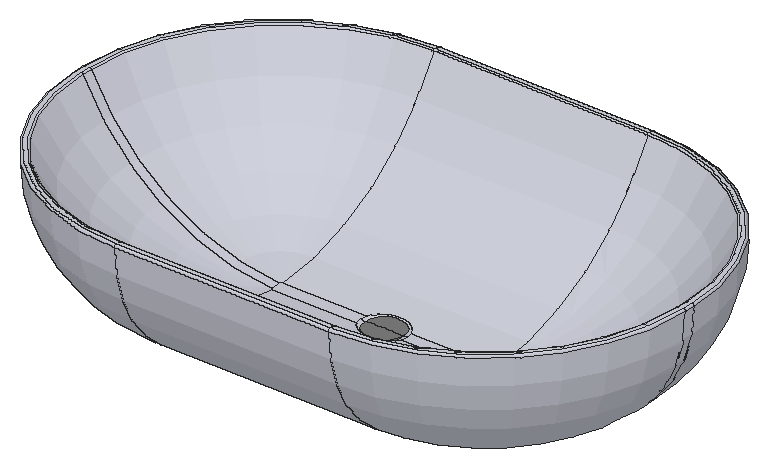
Revit family "PAXI SBC-018", category Plumbing Fixtures, Revit 2017
Family settings
  Round Connector Dimension = Use Diameter
  Part Type = Normal
  OmniClass Number = 23.45.00.00
  OmniClass Title = Sanitary, Laundry, and Cleaning Equipment
  Work Plane-Based = No
  Always vertical = Yes
  Cut with Voids When Loaded = No
  Shared = No
  Room Calculation Point = No
Parameters
  Waste Size = 32 mm
  Waste Connection = yes
  URL = "www.seima.com.au"
  Steel = Steel
  Model = "PAXI SBS-018"
  Manufacturer = "SEIMA"
  Basin Material = White Vitreous China
Reference planes
  plane 1 "Center (Front/Back)": y = 0
  plane 2: z = 0
  plane 3 "Center (Left/Right)": x = 0
  plane 4: z = 140
  plane 5: x = 292.5
  plane 6: y = 195
  plane 7: y = -195
  plane 8: x = -292.5
  plane 9: z = -40
  plane 10: x = -185
  plane 11: x = -292.5
Forms (mm)
  Sweep 1, solid, material "White Vitreous China" <- "Basin Material"
    path origin (0, 0, 0) x (1, 0, 0) y (0, 1, 0)
      loop
        line (-292.5, 5) -> (-292.5, -5)
        arc (-292.5, -5) -> (-236.85, -139.35) -> (-102.5, -195) r 190
        line (-102.5, -195) -> (102.5, -195)
        arc (102.5, -195) -> (236.85, -139.35) -> (292.5, -5) r 190
        line (292.5, -5) -> (292.5, 5)
        arc (292.5, 5) -> (236.85, 139.35) -> (102.5, 195) r 190
        line (102.5, 195) -> (-102.5, 195)
        arc (-102.5, 195) -> (-236.85, 139.35) -> (-292.5, 5) r 190
    profile origin (-292.5, 0, 0) x (1, 0, 0) y (0, 0, 1)
      loop
        arc (0.205, 137.82) -> (28.771, 55.011) -> (103.757, 9.729) r 128.552
        line (103.757, 9.729) -> (188.75, 9.729) -> (188.75, 19.002)
        arc (188.75, 19.002) -> (82.161, 54.411) -> (7.9, 138.674) r 215.34
        arc (7.9, 138.674) -> (7.163, 139.487) -> (6.107, 139.789) r 2
        line (6.107, 139.789) -> (2.204, 139.789)
        arc (2.204, 139.789) -> (0.801, 139.214) -> (0.205, 137.82) r 2
  Extrusion 2, solid, material "White Vitreous China" <- "Basin Material"
    sketch origin (0, 0, 0) x (1, 0, 0) y (0, 1, 0)
      loop
        arc (-102.5, 6.25) -> (-103.384, 5.884) -> (-103.75, 5) r 1.25
        line (-103.75, 5) -> (-103.75, -5)
        arc (-103.75, -5) -> (-103.384, -5.884) -> (-102.5, -6.25) r 1.25
        line (-102.5, -6.25) -> (102.5, -6.25)
        arc (102.5, -6.25) -> (103.384, -5.884) -> (103.75, -5) r 1.25
        line (103.75, -5) -> (103.75, 5)
        arc (103.75, 5) -> (103.384, 5.884) -> (102.5, 6.25) r 1.25
        line (102.5, 6.25) -> (-102.5, 6.25)
    from 0 to 19.002
  Revolve 3, void
    sketch origin (0, 0, 0) x (1, 0, 0) y (0, 0, 1)
      loop
        arc (0, 22.931) -> (-11.312, 21.936) -> (-22.282, 19.002) r 65.448
        arc (-22.282, 19.002) -> (-15.984, 15.665) -> (-13.465, 8.998) r 10.084
        line (-13.465, 8.998) -> (-13.465, -40) -> (0, -40) -> (0, 22.931)
      axis (0, -40) -> (0, 22.931)
    angle from 0 to 360
  Revolve 4, solid, material "White Vitreous China" <- "Basin Material"
    sketch origin (0, 0, 0) x (1, 0, 0) y (0, 0, 1)
      loop
        line (-13.465, 0) -> (-14.949, 0) -> (-14.949, -40) -> (-13.465, -40) -> (-13.465, 0)
      axis (0, -40) -> (0, 0)
    angle from 0 to 360
  Revolve 5, solid, material "Steel" <- "Steel"
    sketch origin (0, 0, 3.027) x (1, 0, 0) y (0, 0, 1)
      loop
        line (-11.292, 3.998) -> (-11.292, -1.297) -> (0, -1.297) -> (0, 15.903)
        spline (0, 15.903) -> (-2.347, 15.899) -> (-4.653, 15.886) -> (-6.88, 15.866) -> (-8.989, 15.837) -> (-10.944, 15.801) -> (-12.712, 15.759) -> (-14.263, 15.71) -> (-15.569, 15.657) -> (-16.609, 15.599) -> (-17.365, 15.538) -> (-17.824, 15.475) -> (-17.978, 15.41)
        arc (-17.978, 15.41) -> (-13.087, 10.611) -> (-11.292, 3.998) r 13.084
      axis (0, -1.297) -> (0, 15.903)
    angle from 0 to 360
  Blend 6, solid, material "White Vitreous China" <- "Basin Material"
    base sketch origin (0, 0, 0) x (1, 0, 0) y (0, 1, 0)
      loop
        line (105, 90) -> (-105, 90)
        arc (-105, 90) -> (-195, 0) -> (-105, -90) r 90
        line (-105, -90) -> (105, -90)
        arc (105, -90) -> (195, 0) -> (105, 90) r 90
    top sketch origin (0, 0, 0) x (1, 0, 0) y (0, 1, 0)
      loop
        line (105, 80) -> (-105, 80)
        arc (-105, 80) -> (-185, 0) -> (-105, -80) r 80
        line (-105, -80) -> (105, -80)
        arc (105, -80) -> (185, 0) -> (105, 80) r 80
    from 11.576 to 0
Cuts and joins
  Revolve 3 cuts Sweep 1
  Revolve 3 cuts Extrusion 2
  joined: Sweep 1, Extrusion 2, Blend 6
Dimensions and locks
  plane 5 to plane 3 "Center (Left/Right)" = 292.5 mm
  plane 8 to plane 5 = 585 mm
  plane 7 to plane 6 = 390 mm
  plane 4 to level = 140 mm  (x2)
  plane 1 "Center (Front/Back)" to plane 6 = 195 mm
  plane 3 "Center (Left/Right)" to plane 5 = 292.5 mm
  plane 4 to plane 9 = 180 mm
  plane 3 "Center (Left/Right)" to plane 10 = 185 mm
  plane 3 "Center (Left/Right)" to plane 11 = 292.5 mm
  aligned and locked: level to plane 2
Connectors
  piping at (0, 0, -40), diameter 32, driven by "Waste Size"
    settings: on Revolve 4, index 1, connector inside diameter 609.6 mm, connector length 0 mm, flow factor 0, pipe flow 0.0 L/s, pressure drop 0.0 Pa, fitting loss kfactor 0, connector angle 0.00°, fixture units 0, engagement length 0 mm, angle of deflection 0.00°, flow configuration 0, flow direction 2, fitting loss method 0, system type 16, joint type 0, gender type 0, connector reference index -1, connector utility 0, adjustable connector no, is connector primary yes, connector description ""
